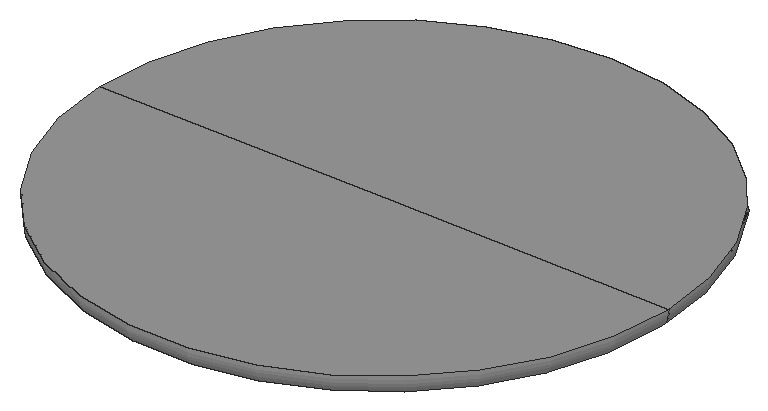
Revit family "ACC-MNT-8", category Security Devices, host Face, Revit 2019
Family settings
  Host = Face
  Maintain Annotation Orientation = Yes
  Round Connector Dimension = Use Diameter
  Part Type = Normal
  Cut with Voids When Loaded = No
  Shared = No
  Room Calculation Point = No
Parameters
  URL = "https://docs.verkada.com/docs/accessories-overview.pdf"
  Type Image = <None>
  Symbol Rotation [instance] = 0.00°
  Model = "ACC-MNT-8"
  Manufacturer = "VERKADA"  # constant formula
  Description = "PENDANT CAP MOUNT"
  Default Elevation = 2438.40 mm  # constant formula
Reference planes
  plane 1 "Center (Front/Back)": y = 0
  plane 2: z = 0
  plane 3 "Center (Left/Right)": x = 0
Forms (mm)
  Revolve 1, solid, material "Verkada White"
    sketch origin (0, 0, -58.5) x (1, 0, 0) y (0, 0, -1)
      loop
        line (0, -58.5) -> (0, -83) -> (73, -83)
        arc (73, -83) -> (72.573, -80.145) -> (70.562, -78.073) r 4.718
        arc (70.562, -78.073) -> (48.585, -67.804) -> (25.653, -59.889) r 231.658
        arc (25.653, -59.889) -> (25.031, -59.123) -> (24.264, -58.5) r 4.802
        line (24.264, -58.5) -> (0, -58.5)
      axis (0, -83) -> (0, -58.5)
    angle from 0 to 360
Dimensions and locks
  aligned and locked: plane 2 to host face
  aligned and locked: level to host face
